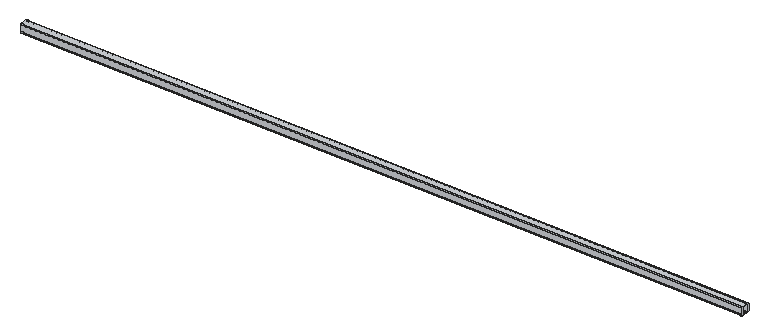
Revit family "3FR_63_UN_SM_Track 3Phase_ETK", category Lighting Fixtures, Revit 2019
Family settings
  Round Connector Dimension = Use Diameter
  Part Type = Normal
  Work Plane-Based = No
  Always vertical = No
  Cut with Voids When Loaded = No
  Light Source = No
  Shared = No
  Room Calculation Point = No
Parameters (values of type "3FR.1300.xx")
  ⌂ Powered by IVLibrary = "www.ivlibrary.com"
  Wattage Comments = ""
  URL = "https://platform.ivlibrary.com/"
  Type Comments = ""
  Model = "3FR"
  Manufacturer = "ETK"
  Luminaire Code = ""
  Length = 3000 mm
  Lamp = ""
  IfcExportType = "POINTSOURCE"
  IfcExportAs = "IfcLightFixtureType"
  Description = "Track 3 Phases"
  built-in parameter 1140040 [instance] = 1
  Assembly Code = "63.00"
  Article Number = ""
  Apparent Load = 0 VA
Types (3, lengths in mm): name | Length
  (no name) | 3000
  3FR.1100.xx | 1000
  3FR.1300.xx | 3000
Reference planes
  plane 1 "Center (Front/Back)": y = 0
  plane 2: z = 0
  plane 3 "Center (Left/Right)": x = 0
  plane 4: x = 0.044
Forms (mm)
  Extrusion 1, solid
    sketch origin (0, 0, 0) x (0, 1, 0) y (0, 0, 1)
      loop
        line (13.75, 0) -> (-13.75, 0)
        arc (-13.75, 0) -> (-15.164, -0.586) -> (-15.75, -2) r 2
        line (-15.75, -2) -> (-15.75, -30.5)
        arc (-15.75, -30.5) -> (-15.164, -31.914) -> (-13.75, -32.5) r 2
        line (-13.75, -32.5) -> (-8.75, -32.5) -> (-8.75, -31.5) -> (-13.75, -31.5)
        arc (-13.75, -31.5) -> (-14.457, -31.207) -> (-14.75, -30.5) r 1
        line (-14.75, -30.5) -> (-14.75, -2)
        arc (-14.75, -2) -> (-14.457, -1.293) -> (-13.75, -1) r 1
        line (-13.75, -1) -> (13.75, -1)
        arc (13.75, -1) -> (14.457, -1.293) -> (14.75, -2) r 1
        line (14.75, -2) -> (14.75, -30.5)
        arc (14.75, -30.5) -> (14.457, -31.207) -> (13.75, -31.5) r 1
        line (13.75, -31.5) -> (8.75, -31.5) -> (8.75, -32.5) -> (13.75, -32.5)
        arc (13.75, -32.5) -> (15.164, -31.914) -> (15.75, -30.5) r 2
        line (15.75, -30.5) -> (15.75, -2)
        arc (15.75, -2) -> (15.164, -0.586) -> (13.75, 0) r 2
    from 0.044 to 3000.044
Dimensions and locks
  "Length": plane 4 to Extrusion 1
  aligned and locked: level to plane 2
  aligned and locked: Extrusion 1 to plane 4
Automatic sketch dimensions
  Extrusion 1 sketch curve to Extrusion 1 sketch curve = 0 mm  (x8)
  level to Extrusion 1 sketch curve = 0 mm
  plane 1 "Center (Front/Back)" to Extrusion 1 sketch curve = 15.75 mm
  Extrusion 1 sketch curve to Extrusion 1 sketch curve = 1 mm  (x5)
  Extrusion 1 sketch curve to Extrusion 1 sketch curve = 5 mm  (x2)
  Extrusion 1 sketch curve to plane 1 "Center (Front/Back)" = 8.75 mm
  Extrusion 1 sketch curve to plane 1 "Center (Front/Back)" = 13.75 mm
  Extrusion 1 sketch curve to Extrusion 1 sketch curve = 28.5 mm
Connectors
  electrical at (0.044, 0, -19.4), driven by "Apparent Load"
    settings: on Extrusion 1, index 1, voltage 230 V, apparent load 0 VA, apparent load phase1 0 VA, apparent load phase2 0 VA, apparent load phase3 0 VA, power factor 1, load classification "Other", number of poles 1, system type 31, power factor state 1, is connector primary yes, connector utility no, sub classification motor no, connector description ""
